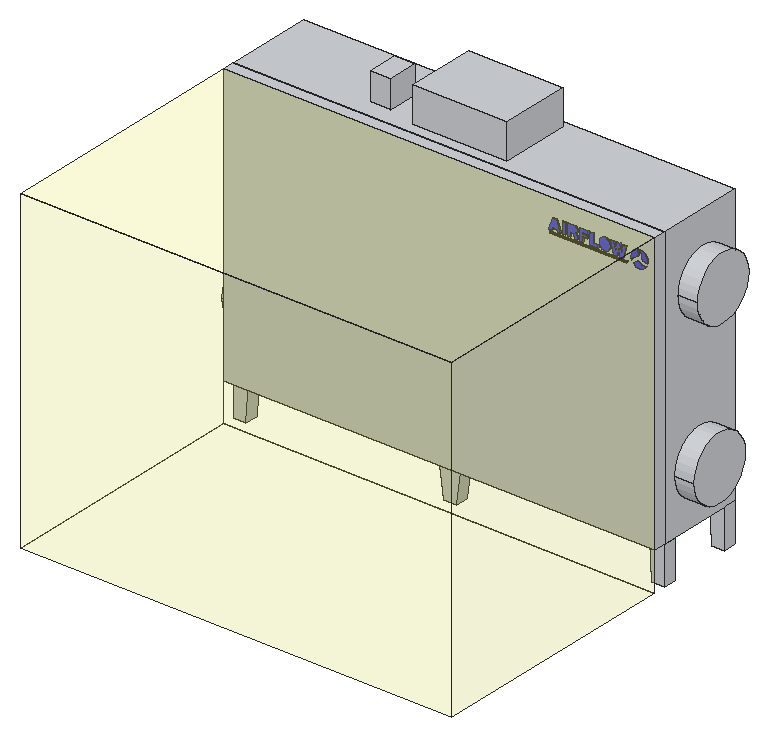
Revit family "DUPLEXVENT Flexi DV1100", category Mechanical Equipment, Revit 2015
Parameters (values of type "FLEXI DV1100")
  e-mail = "info@airflow.com"
  Width mm = "1700"
  Weekly clock control as a standard feature = "Yes"
  Web site = "www.airflow.com"
  Water or DX heating and cooling coils (optional) = "Yes"
  Warranty = "3 Years"
  Voltage Supply      Single Phase = "220-240v ac"
  Versatile positioning (floor/ceiling installation) = "Yes"
  Unique triple filter design = ""
  Telephone = "01494 525252"
  Technical support = "01494 560950"
  Supply air filter = "F7"
  Summer By-pass = "Automatic"
  SAP Appendix Q Eligible = "No"
  Pre-heater = "Optional  3000 W"
  Post-heater = "Optional  3000 W"
  Passive House Certified = "Yes"
  Part number = "90000183"
  Model = "FLEXI DV1100"
  Meets Building Regulations Approved Document F 2010 = "Yes"
  Max Air Volume  m3/hr = "1200"
  Internet connection = "Yes"
  ISO9001   Quality Assurance approved = ""
  ISO14001 Environmental Management approved = ""
  IP Rating = ""
  Humidity control (optional) = "Yes"
  Height mm = "1100"
  Heat Recovery = ">90%"
  Heat Exchanger = "Counterflow"
  Frost protection = "Included"
  Frequency = "50Hz"
  Filter maintenance reminder = "Yes"
  Fan input = "93-385 W DC"
  Extract air filter = "M5"
  Excellent heat recovery efficiency of the counter flow cell = "Yes"
  Electronic control panel with LCD display = "Yes"
  EC motor for fine speed control = "Yes"
  Duct Connections = "4 x 250mm dia"
  Depth mm = "395"
  Control Standard = "Digital - 10 Speed , BMS (MODBUS) + Internet"
  Control Optional = "Humidity , CO2 , Air quality"
  Condensate pipe dia = "21mm"
  Carbon dioxide control (optional) = "Yes"
  Built-in electric heater (standard) = ""
  Balanced supply and extract air ventilation with heat recovery = "Yes"
  Automatic cut-out switch = ""
  Airflow Developments Limited = "Lancaster Road,Cressex Business Park ,HighWycombe ,HP12 3QP\r\nCressex Business Park,\r\nHighWycombe,HP12 3QP\r\nHighWycombe,HP12 3QP"
  Air Volume @ Pa = "1000@200Pa"
  100% Summer/Winter by-pass = "Yes"
Reference planes
  plane 1 "Center (Front/Back)": y = 0
  plane 2: z = 0
  plane 3 "Center (Left/Right)": x = 0
  plane 4: y = -1197.5
  plane 5: y = -197.5
Forms (mm)
  Extrusion 1, solid
    sketch origin (0, 0, 0) x (0, 1, 0) y (0, 0, 1)
      loop
        circle (38.5, 1004) r 125
    from 845 to 925
  Extrusion 2, solid
    sketch origin (0, 0, 0) x (0, 1, 0) y (0, 0, 1)
      loop
        circle (38.5, 891) r 125
    from -935 to -855
  Extrusion 3, solid
    sketch origin (0, 0, 0) x (0, 1, 0) y (0, 0, 1)
      loop
        circle (22.5, 375) r 125
    from 845 to 925
  Extrusion 4, solid
    sketch origin (0, -16.25, -516) x (0, 1, 0) y (0, 0, 1)
      loop
        circle (38.5, 891) r 125
    from -935 to -855
  Extrusion 5, solid, material "Acces Area"
    sketch origin (242.47, -1182.646, 0) x (1, 0, 0) y (0, 1, 0)
      loop
        line (-1097.47, 985.146) -> (-1097.47, -14.854) -> (602.53, -14.854) -> (602.53, 985.146) -> (-1097.47, 985.146)
    from 0 to 1254.231
  Extrusion 6, solid, material "Default New Material"
    sketch origin (396.635, -197.318, 595.239) x (1, 0, 0) y (0, 0, 1)
      loop
        line (33.662, 546.992) -> (47.504, 546.992) -> (49.8, 554.501) -> (64.199, 554.501) -> (66.495, 546.992) -> (80.707, 546.992) -> (64.23, 592.263) -> (50.139, 592.263) -> (33.662, 546.992)
    from 0 to 2
  Extrusion 7, solid, material "Default New Material"
    sketch origin (414.135, -197.318, 595.239) x (1, 0, 0) y (0, 0, 1)
      loop
        line (69.991, 592.263) -> (69.991, 546.992) -> (81.006, 546.992) -> (81.006, 592.263) -> (69.991, 592.263)
    from 0 to 2
  Extrusion 8, solid, material "Default New Material"
    sketch origin (422.885, -197.318, 593.364) x (1, 0, 0) y (0, 0, 1)
      loop
        line (80.196, 594.421) -> (80.196, 549.269) -> (93.366, 549.269) -> (93.366, 564.757) -> (103.042, 564.757)
        arc (103.042, 564.757) -> (105.945, 561.42) -> (106.877, 557.096) r 8.876
        arc (106.877, 557.096) -> (106.978, 553.159) -> (107.589, 549.269) r 30.266
        line (107.589, 549.269) -> (120.811, 549.269) -> (120.034, 552.165)
        arc (120.034, 552.165) -> (119.324, 562.114) -> (114.35, 570.758) r 22.312
        arc (114.35, 570.758) -> (120.1, 584.759) -> (108.45, 594.421) r 12.774
        line (108.45, 594.421) -> (80.196, 594.421)
    from 0 to 2
  Extrusion 9, solid, material "Default New Material"
    sketch origin (442.885, -197.318, 595.864) x (1, 0, 0) y (0, 0, 1)
      loop
        line (107.47, 592.03) -> (107.47, 547.811) -> (121.006, 547.811) -> (121.006, 565.157) -> (138.209, 565.157) -> (138.209, 575.182) -> (121.006, 575.182) -> (121.006, 580.832) -> (141.27, 580.832) -> (141.27, 592.03) -> (107.47, 592.03)
    from 0 to 2
  Extrusion 10, solid, material "Default New Material"
    sketch origin (459.135, -197.318, 587.739) x (1, 0, 0) y (0, 0, 1)
      loop
        line (131.775, 600.068) -> (131.775, 555.608) -> (164.524, 555.608) -> (164.524, 566.494) -> (145.386, 566.494) -> (145.386, 600.068) -> (131.775, 600.068)
    from 0 to 2
  Extrusion 11, solid, material "Default New Material"
    sketch origin (478.51, -197.318, 601.489) x (1, 0, 0) y (0, 0, 1)
      loop
        line (150.928, 566.262) -> (150.928, 557.838)
        arc (150.928, 557.838) -> (172.103, 540.791) -> (193.278, 557.838) r 21.675
        line (193.278, 557.838) -> (193.278, 566.262)
        arc (193.278, 566.262) -> (172.103, 587.437) -> (150.928, 566.262) r 21.175
    from 0 to 2
  Extrusion 12, solid, material "Default New Material"
    sketch origin (492.26, -197.318, 602.114) x (1, 0, 0) y (0, 0, 1)
      loop
        line (180.086, 586.527) -> (192.731, 539.337) -> (207.266, 539.337) -> (211.814, 568.052) -> (216.877, 539.337) -> (231.678, 539.337) -> (244.322, 586.527) -> (229.562, 586.527) -> (224.384, 559.884) -> (218.233, 586.527) -> (205.528, 586.527) -> (200.223, 559.235) -> (193.922, 586.527) -> (180.086, 586.527)
    from 0 to 2
  Extrusion 13, solid, material "Default New Material"
    sketch origin (534.135, -197.318, 601.489) x (1, 0, 0) y (0, 0, 1)
      loop
        arc (221.303, 544.682) -> (232.336, 558.541) -> (247.466, 567.754) r 50.651
        arc (247.466, 567.754) -> (247.504, 579.86) -> (244.131, 591.486) r 42.547
        arc (244.131, 591.486) -> (223.132, 572.759) -> (221.303, 544.682) r 37.116
    from 0 to 2
  Extrusion 14, solid, material "Default New Material"
    sketch origin (530.385, -197.318, 579.614) x (1, 0, 0) y (0, 0, 1)
      loop
        arc (232.653, 557.878) -> (258.976, 547.801) -> (283.475, 561.739) r 32.985
        arc (283.475, 561.739) -> (266.143, 564.019) -> (250.499, 571.82) r 52.926
        arc (250.499, 571.82) -> (240.936, 565.669) -> (232.653, 557.878) r 62.148
    from 0 to 2
  Extrusion 15, solid, material "Default New Material"
    sketch origin (539.76, -197.318, 598.989) x (1, 0, 0) y (0, 0, 1)
      loop
        arc (249.42, 593.599) -> (255.124, 579.573) -> (256.146, 564.467) r 47.706
        arc (256.146, 564.467) -> (266.559, 557.722) -> (278.738, 555.349) r 32.649
        arc (278.738, 555.349) -> (272.504, 580.931) -> (249.42, 593.599) r 32.657
    from 0 to 2
  Extrusion 16, void
    sketch origin (396.635, -17.118, 595.239) x (1, 0, 0) y (0, 0, 1)
      loop
        line (50.895, 558.084) -> (63.104, 558.084) -> (57, 578.051) -> (50.895, 558.084)
    from 180.2 to 183
  Extrusion 17, void
    sketch origin (422.885, -17.118, 594.614) x (1, 0, 0) y (0, 0, 1)
      loop
        line (93.366, 582.916) -> (93.366, 572.444) -> (104.52, 572.444)
        arc (104.52, 572.444) -> (108.275, 577.68) -> (104.52, 582.916) r 5.528
        line (104.52, 582.916) -> (93.366, 582.916)
    from 180.2 to 183
  Extrusion 18, void
    sketch origin (480.698, -17.118, 592.739) x (1, 0, 0) y (0, 0, 1)
      loop
        line (162.775, 575.888) -> (162.775, 569.468)
        arc (162.775, 569.468) -> (169.969, 562.274) -> (177.164, 569.468) r 7.195
        line (177.164, 569.468) -> (177.164, 575.888)
        arc (177.164, 575.888) -> (169.969, 583.083) -> (162.775, 575.888) r 7.195
    from 180.2 to 183
  Extrusion 19, solid, material "PVC, Flexible"
    sketch origin (429.135, -18.118, 580.239) x (1, 0, 0) y (0, 0, 1)
      loop
        line (4.524, 555.993) -> (4.524, 554.731) -> (307.911, 554.731) -> (307.911, 555.993) -> (4.524, 555.993)
    from 179 to 181
  Extrusion 20, solid, material "PVC, Flexible"
    sketch origin (429.135, -18.118, 576.165) x (1, 0, 0) y (0, 0, 1)
      loop
        line (4.524, 555.993) -> (4.524, 554.731) -> (307.911, 554.731) -> (307.911, 555.993) -> (4.524, 555.993)
    from 179 to 181
  Extrusion 21, solid
    sketch origin (0, 0, 0) x (1, 0, 0) y (0, 1, 0)
      loop
        line (-855, 197.5) -> (-855, -147.5) -> (845, -147.5) -> (845, 197.5) -> (-855, 197.5)
    from 152.685 to 1254.231
  Extrusion 22, solid
    sketch origin (0, 0, 0) x (1, 0, 0) y (0, 1, 0)
      loop
        line (-855, -150) -> (-855, -197.5) -> (845, -197.5) -> (845, -150) -> (-855, -150)
    from 152.685 to 1254.231
  Extrusion 23, solid
    sketch origin (0, 0, 0) x (1, 0, 0) y (0, 1, 0)
      loop
        line (-375, 47.5) -> (-375, -72.5) -> (-295, -72.5) -> (-295, 47.5) -> (-375, 47.5)
    from 1250 to 1360.745
  Extrusion 24, solid
    sketch origin (0, 0, 0) x (1, 0, 0) y (0, 1, 0)
      loop
        line (-185, 172.5) -> (-185, -102.5) -> (185, -102.5) -> (185, 172.5) -> (-185, 172.5)
    from 1250 to 1390.189
  Blend 25, solid
    base sketch origin (0, 0, 0) x (1, 0, 0) y (0, 1, 0)
      loop
        line (-855, 197.5) -> (-855, 147.5) -> (-805, 147.5) -> (-805, 197.5) -> (-855, 197.5)
    top sketch origin (0, 0, 0) x (1, 0, 0) y (0, 1, 0)
      loop
        line (-855, 197.5) -> (-855, 147.5) -> (-795, 147.5) -> (-795, 197.5) -> (-855, 197.5)
    from 0 to 150
  Blend 26, solid
    base sketch origin (0, 0, 0) x (1, 0, 0) y (0, 1, 0)
      loop
        line (-855, -97.5) -> (-855, -147.5) -> (-805, -147.5) -> (-805, -97.5) -> (-855, -97.5)
    top sketch origin (0, 0, 0) x (1, 0, 0) y (0, 1, 0)
      loop
        line (-855, -97.5) -> (-855, -147.5) -> (-795, -147.5) -> (-795, -97.5) -> (-855, -97.5)
    from 0 to 150
  Blend 27, solid
    base sketch origin (0, 0, 0) x (1, 0, 0) y (0, 1, 0)
      loop
        line (795, 197.5) -> (795, 147.5) -> (845, 147.5) -> (845, 197.5) -> (795, 197.5)
    top sketch origin (0, 0, 0) x (1, 0, 0) y (0, 1, 0)
      loop
        line (785, 197.5) -> (785, 147.5) -> (845, 147.5) -> (845, 197.5) -> (785, 197.5)
    from 0 to 152.685
  Blend 28, solid
    base sketch origin (0, 0, 0) x (1, 0, 0) y (0, 1, 0)
      loop
        line (795, -97.5) -> (795, -147.5) -> (845, -147.5) -> (845, -97.5) -> (795, -97.5)
    top sketch origin (0, 0, 0) x (1, 0, 0) y (0, 1, 0)
      loop
        line (785, -97.5) -> (785, -147.5) -> (845, -147.5) -> (845, -97.5) -> (785, -97.5)
    from 0 to 150
  Blend 29, solid
    base sketch origin (-0.621, -197.5, 152.685) x (1, 0, 0) y (0, 1, 0)
      loop
        line (-45, 100) -> (-45, 50) -> (45, 50) -> (45, 100) -> (-45, 100)
    top sketch origin (-0.621, -197.5, 152.685) x (1, 0, 0) y (0, 1, 0)
      loop
        line (-25, 100) -> (-25, 50) -> (25, 50) -> (25, 100) -> (-25, 100)
    from 0 to -150
  Blend 30, solid
    base sketch origin (-0.621, 97.5, 152.685) x (1, 0, 0) y (0, 1, 0)
      loop
        line (-45, 100) -> (-45, 50) -> (45, 50) -> (45, 100) -> (-45, 100)
    top sketch origin (-0.621, 97.5, 152.685) x (1, 0, 0) y (0, 1, 0)
      loop
        line (-25, 100) -> (-25, 50) -> (25, 50) -> (25, 100) -> (-25, 100)
    from 0 to -150
Dimensions and locks
  locked: plane 5 to plane 1 "Center (Front/Back)" at 197.5
  plane 5 to plane 4 = 1000 mm
  aligned and locked: plane 4 to Extrusion 5
Connectors
  hvac at (925, 38.5, 1004)
    settings: on Extrusion 1, index 1, duct flow 0.0 L/s, flow factor 0, pres drop 0.0 Pa, loss coef 0, conn angle 0.00°, conn width 304.8 mm, conn height 304.8 mm, conn diameter 250 mm, duct sys type 2, conn prof type 0, flow config 0, flow direction 2, loss method 0, conn ref index -1, conn util no, is conn primary yes, conn desc ""
  hvac at (925, 22.5, 375)
    settings: on Extrusion 3, index 2, duct flow 0.0 L/s, flow factor 0, pres drop 0.0 Pa, loss coef 0, conn angle 0.00°, conn width 304.8 mm, conn height 304.8 mm, conn diameter 250 mm, duct sys type 1, conn prof type 0, flow config 0, flow direction 1, loss method 0, conn ref index -1, conn util no, is conn primary no, conn desc ""
  hvac at (-935, 38.5, 891)
    settings: on Extrusion 2, index 3, duct flow 0.0 L/s, flow factor 0, pres drop 0.0 Pa, loss coef 0, conn angle 0.00°, conn width 304.8 mm, conn height 304.8 mm, conn diameter 250 mm, duct sys type 1, conn prof type 0, flow config 0, flow direction 2, loss method 0, conn ref index -1, conn util no, is conn primary no, conn desc ""
  hvac at (-935, 22.25, 375)
    settings: on Extrusion 4, index 4, duct flow 0.0 L/s, flow factor 0, pres drop 0.0 Pa, loss coef 0, conn angle 0.00°, conn width 304.8 mm, conn height 304.8 mm, conn diameter 250 mm, duct sys type 2, conn prof type 0, flow config 0, flow direction 1, loss method 0, conn ref index -1, conn util no, is conn primary no, conn desc ""
